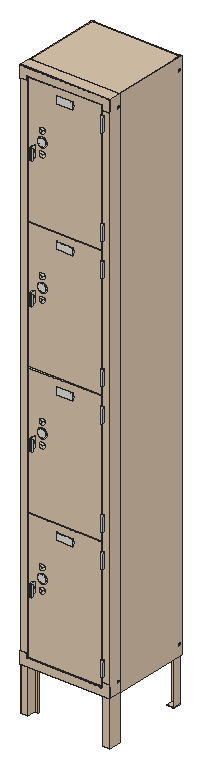
Revit family "Metal_Vented_Lockers-Salsbury_Industries-74000_Series-1_Wide_Units", category Specialty Equipment, Revit 2016 (continued)
Definition of nested family "Vents"
  Lines and regions (in)
    model lines
      curve 101: line (-0.12232, 0, 39.87111) -> (-0.3738, 0, 39.21938)
      curve 102: line (0.12647, 0, 39.86883) -> (0.37669, 0, 39.21865)
      curve 103: spline (-0.12218, 0, 36.83029) -> (-0.10447, 0, 36.80116) -> (-0.08514, 0, 36.77673) -> (-0.06447, 0, 36.75737) -> (-0.04279, 0, 36.74339) -> (-0.02043, 0, 36.73499) -> (0.00227, 0, 36.73232) -> (0.02496, 0, 36.7354) -> (0.04728, 0, 36.74419) -> (0.0689, 0, 36.75855) -> (0.08949, 0, 36.77827) -> (0.10872, 0, 36.80305) -> (0.1263, 0, 36.83249)
      curve 104: line (-0.12218, 0, 36.83029) -> (-0.3738, 0, 37.48238)
      curve 105: line (0.1263, 0, 36.83249) -> (0.37669, 0, 37.48165)
      curve 106: spline (-0.12232, 0, 38.13411) -> (-0.1046, 0, 38.1634) -> (-0.08525, 0, 38.18798) -> (-0.06455, 0, 38.20744) -> (-0.04284, 0, 38.2215) -> (-0.02044, 0, 38.22994) -> (0.00229, 0, 38.23263) -> (0.02501, 0, 38.22953) -> (0.04737, 0, 38.22068) -> (0.06902, 0, 38.20622) -> (0.08963, 0, 38.18638) -> (0.10888, 0, 38.16145) -> (0.12647, 0, 38.13183)
      curve 107: line (-0.12232, 0, 38.13411) -> (-0.3738, 0, 37.48238)
      curve 108: line (0.12647, 0, 38.13183) -> (0.37669, 0, 37.48165)
      curve 109: spline (-0.12218, 0, 35.09329) -> (-0.10447, 0, 35.06416) -> (-0.08514, 0, 35.03973) -> (-0.06447, 0, 35.02037) -> (-0.04279, 0, 35.00639) -> (-0.02043, 0, 34.99799) -> (0.00227, 0, 34.99532) -> (0.02496, 0, 34.9984) -> (0.04728, 0, 35.00719) -> (0.0689, 0, 35.02155) -> (0.08949, 0, 35.04127) -> (0.10872, 0, 35.06605) -> (0.1263, 0, 35.09549)
      curve 110: line (-0.12218, 0, 35.09329) -> (-0.3738, 0, 35.74538)
      curve 111: line (0.1263, 0, 35.09549) -> (0.37669, 0, 35.74465)
      curve 112: spline (-0.12232, 0, 36.39711) -> (-0.1046, 0, 36.4264) -> (-0.08525, 0, 36.45098) -> (-0.06455, 0, 36.47044) -> (-0.04284, 0, 36.4845) -> (-0.02044, 0, 36.49294) -> (0.00229, 0, 36.49563) -> (0.02501, 0, 36.49253) -> (0.04737, 0, 36.48368) -> (0.06902, 0, 36.46922) -> (0.08963, 0, 36.44938) -> (0.10888, 0, 36.42445) -> (0.12647, 0, 36.39483)
      curve 113: line (-0.12232, 0, 36.39711) -> (-0.3738, 0, 35.74538)
      curve 114: line (0.12647, 0, 36.39483) -> (0.37669, 0, 35.74465)
      curve 115: spline (-0.12218, 0, 33.35629) -> (-0.10447, 0, 33.32716) -> (-0.08514, 0, 33.30273) -> (-0.06447, 0, 33.28337) -> (-0.04279, 0, 33.26939) -> (-0.02043, 0, 33.26099) -> (0.00227, 0, 33.25832) -> (0.02496, 0, 33.2614) -> (0.04728, 0, 33.27019) -> (0.0689, 0, 33.28455) -> (0.08949, 0, 33.30427) -> (0.10872, 0, 33.32905) -> (0.1263, 0, 33.35849)
      curve 116: line (-0.12218, 0, 33.35629) -> (-0.3738, 0, 34.00838)
      curve 117: line (0.1263, 0, 33.35849) -> (0.37669, 0, 34.00765)
      curve 118: spline (-0.12232, 0, 34.66011) -> (-0.1046, 0, 34.6894) -> (-0.08525, 0, 34.71398) -> (-0.06455, 0, 34.73344) -> (-0.04284, 0, 34.7475) -> (-0.02044, 0, 34.75594) -> (0.00229, 0, 34.75863) -> (0.02501, 0, 34.75553) -> (0.04737, 0, 34.74668) -> (0.06902, 0, 34.73222) -> (0.08963, 0, 34.71238) -> (0.10888, 0, 34.68745) -> (0.12647, 0, 34.65783)
      curve 119: line (-0.12232, 0, 34.66011) -> (-0.3738, 0, 34.00838)
      curve 120: line (0.12647, 0, 34.65783) -> (0.37669, 0, 34.00765)
      curve 121: spline (-0.12218, 0, 31.61929) -> (-0.10447, 0, 31.59016) -> (-0.08514, 0, 31.56573) -> (-0.06447, 0, 31.54637) -> (-0.04279, 0, 31.53239) -> (-0.02043, 0, 31.52399) -> (0.00227, 0, 31.52132) -> (0.02496, 0, 31.5244) -> (0.04728, 0, 31.53319) -> (0.0689, 0, 31.54755) -> (0.08949, 0, 31.56727) -> (0.10872, 0, 31.59205) -> (0.1263, 0, 31.62149)
      curve 122: line (-0.12218, 0, 31.61929) -> (-0.3738, 0, 32.27138)
      curve 123: line (0.1263, 0, 31.62149) -> (0.37669, 0, 32.27065)
      curve 124: spline (-0.12232, 0, 32.92311) -> (-0.1046, 0, 32.9524) -> (-0.08525, 0, 32.97698) -> (-0.06455, 0, 32.99644) -> (-0.04284, 0, 33.0105) -> (-0.02044, 0, 33.01894) -> (0.00229, 0, 33.02163) -> (0.02501, 0, 33.01853) -> (0.04737, 0, 33.00968) -> (0.06902, 0, 32.99522) -> (0.08963, 0, 32.97538) -> (0.10888, 0, 32.95045) -> (0.12647, 0, 32.92083)
      curve 125: line (-0.12232, 0, 32.92311) -> (-0.3738, 0, 32.27138)
      curve 126: line (0.12647, 0, 32.92083) -> (0.37669, 0, 32.27065)
      curve 127: spline (-0.12218, 0, 29.88229) -> (-0.10447, 0, 29.85316) -> (-0.08514, 0, 29.82873) -> (-0.06447, 0, 29.80937) -> (-0.04279, 0, 29.79539) -> (-0.02043, 0, 29.78699) -> (0.00227, 0, 29.78432) -> (0.02496, 0, 29.7874) -> (0.04728, 0, 29.79619) -> (0.0689, 0, 29.81055) -> (0.08949, 0, 29.83027) -> (0.10872, 0, 29.85505) -> (0.1263, 0, 29.88449)
      curve 128: line (-0.12218, 0, 29.88229) -> (-0.3738, 0, 30.53438)
      curve 129: line (0.1263, 0, 29.88449) -> (0.37669, 0, 30.53365)
      curve 130: spline (-0.12232, 0, 31.18611) -> (-0.1046, 0, 31.2154) -> (-0.08525, 0, 31.23998) -> (-0.06455, 0, 31.25944) -> (-0.04284, 0, 31.2735) -> (-0.02044, 0, 31.28194) -> (0.00229, 0, 31.28463) -> (0.02501, 0, 31.28153) -> (0.04737, 0, 31.27268) -> (0.06902, 0, 31.25822) -> (0.08963, 0, 31.23838) -> (0.10888, 0, 31.21345) -> (0.12647, 0, 31.18383)
      curve 131: line (-0.12232, 0, 31.18611) -> (-0.3738, 0, 30.53438)
      curve 132: line (0.12647, 0, 31.18383) -> (0.37669, 0, 30.53365)
      curve 133: spline (-0.12218, 0, 28.14529) -> (-0.10447, 0, 28.11616) -> (-0.08514, 0, 28.09173) -> (-0.06447, 0, 28.07237) -> (-0.04279, 0, 28.05839) -> (-0.02043, 0, 28.04999) -> (0.00227, 0, 28.04732) -> (0.02496, 0, 28.0504) -> (0.04728, 0, 28.05919) -> (0.0689, 0, 28.07355) -> (0.08949, 0, 28.09327) -> (0.10872, 0, 28.11805) -> (0.1263, 0, 28.14749)
      curve 134: line (-0.12218, 0, 28.14529) -> (-0.3738, 0, 28.79738)
      curve 135: line (0.1263, 0, 28.14749) -> (0.37669, 0, 28.79665)
      curve 136: spline (-0.12232, 0, 29.44911) -> (-0.1046, 0, 29.4784) -> (-0.08525, 0, 29.50298) -> (-0.06455, 0, 29.52244) -> (-0.04284, 0, 29.5365) -> (-0.02044, 0, 29.54494) -> (0.00229, 0, 29.54763) -> (0.02501, 0, 29.54453) -> (0.04737, 0, 29.53568) -> (0.06902, 0, 29.52122) -> (0.08963, 0, 29.50138) -> (0.10888, 0, 29.47645) -> (0.12647, 0, 29.44683)
      curve 137: line (-0.12232, 0, 29.44911) -> (-0.3738, 0, 28.79738)
      curve 138: line (0.12647, 0, 29.44683) -> (0.37669, 0, 28.79665)
      curve 139: spline (-0.12218, 0, 26.40829) -> (-0.10447, 0, 26.37916) -> (-0.08514, 0, 26.35473) -> (-0.06447, 0, 26.33537) -> (-0.04279, 0, 26.32139) -> (-0.02043, 0, 26.31299) -> (0.00227, 0, 26.31032) -> (0.02496, 0, 26.3134) -> (0.04728, 0, 26.32219) -> (0.0689, 0, 26.33655) -> (0.08949, 0, 26.35627) -> (0.10872, 0, 26.38105) -> (0.1263, 0, 26.41049)
      curve 140: line (-0.12218, 0, 26.40829) -> (-0.3738, 0, 27.06038)
      curve 141: line (0.1263, 0, 26.41049) -> (0.37669, 0, 27.05965)
      curve 142: spline (-0.12232, 0, 27.71211) -> (-0.1046, 0, 27.7414) -> (-0.08525, 0, 27.76598) -> (-0.06455, 0, 27.78544) -> (-0.04284, 0, 27.7995) -> (-0.02044, 0, 27.80794) -> (0.00229, 0, 27.81063) -> (0.02501, 0, 27.80753) -> (0.04737, 0, 27.79868) -> (0.06902, 0, 27.78422) -> (0.08963, 0, 27.76438) -> (0.10888, 0, 27.73945) -> (0.12647, 0, 27.70983)
      curve 143: line (-0.12232, 0, 27.71211) -> (-0.3738, 0, 27.06038)
      curve 144: line (0.12647, 0, 27.70983) -> (0.37669, 0, 27.05965)
      curve 145: spline (-0.12218, 0, 24.67129) -> (-0.10447, 0, 24.64216) -> (-0.08514, 0, 24.61773) -> (-0.06447, 0, 24.59837) -> (-0.04279, 0, 24.58439) -> (-0.02043, 0, 24.57599) -> (0.00227, 0, 24.57332) -> (0.02496, 0, 24.5764) -> (0.04728, 0, 24.58519) -> (0.0689, 0, 24.59955) -> (0.08949, 0, 24.61927) -> (0.10872, 0, 24.64405) -> (0.1263, 0, 24.67349)
      curve 146: line (-0.12218, 0, 24.67129) -> (-0.3738, 0, 25.32338)
      curve 147: line (0.1263, 0, 24.67349) -> (0.37669, 0, 25.32265)
      curve 148: spline (-0.12232, 0, 25.97511) -> (-0.1046, 0, 26.0044) -> (-0.08525, 0, 26.02898) -> (-0.06455, 0, 26.04844) -> (-0.04284, 0, 26.0625) -> (-0.02044, 0, 26.07094) -> (0.00229, 0, 26.07363) -> (0.02501, 0, 26.07053) -> (0.04737, 0, 26.06168) -> (0.06902, 0, 26.04722) -> (0.08963, 0, 26.02738) -> (0.10888, 0, 26.00245) -> (0.12647, 0, 25.97283)
      curve 149: line (-0.12232, 0, 25.97511) -> (-0.3738, 0, 25.32338)
      curve 150: line (0.12647, 0, 25.97283) -> (0.37669, 0, 25.32265)
      curve 151: spline (-0.12218, 0, 22.93429) -> (-0.10447, 0, 22.90516) -> (-0.08514, 0, 22.88073) -> (-0.06447, 0, 22.86137) -> (-0.04279, 0, 22.84739) -> (-0.02043, 0, 22.83899) -> (0.00227, 0, 22.83632) -> (0.02496, 0, 22.8394) -> (0.04728, 0, 22.84819) -> (0.0689, 0, 22.86255) -> (0.08949, 0, 22.88227) -> (0.10872, 0, 22.90705) -> (0.1263, 0, 22.93649)
      curve 152: line (-0.12218, 0, 22.93429) -> (-0.3738, 0, 23.58638)
      curve 153: line (0.1263, 0, 22.93649) -> (0.37669, 0, 23.58565)
      curve 154: spline (-0.12232, 0, 24.23811) -> (-0.1046, 0, 24.2674) -> (-0.08525, 0, 24.29198) -> (-0.06455, 0, 24.31144) -> (-0.04284, 0, 24.3255) -> (-0.02044, 0, 24.33394) -> (0.00229, 0, 24.33663) -> (0.02501, 0, 24.33353) -> (0.04737, 0, 24.32468) -> (0.06902, 0, 24.31022) -> (0.08963, 0, 24.29038) -> (0.10888, 0, 24.26545) -> (0.12647, 0, 24.23583)
      curve 155: line (-0.12232, 0, 24.23811) -> (-0.3738, 0, 23.58638)
      curve 156: line (0.12647, 0, 24.23583) -> (0.37669, 0, 23.58565)
      curve 157: spline (-0.12218, 0, 21.19729) -> (-0.10447, 0, 21.16816) -> (-0.08514, 0, 21.14373) -> (-0.06447, 0, 21.12437) -> (-0.04279, 0, 21.11039) -> (-0.02043, 0, 21.10199) -> (0.00227, 0, 21.09932) -> (0.02496, 0, 21.1024) -> (0.04728, 0, 21.11119) -> (0.0689, 0, 21.12555) -> (0.08949, 0, 21.14527) -> (0.10872, 0, 21.17005) -> (0.1263, 0, 21.19949)
      curve 158: line (-0.12218, 0, 21.19729) -> (-0.3738, 0, 21.84938)
      curve 159: line (0.1263, 0, 21.19949) -> (0.37669, 0, 21.84865)
      curve 160: spline (-0.12232, 0, 22.50111) -> (-0.1046, 0, 22.5304) -> (-0.08525, 0, 22.55498) -> (-0.06455, 0, 22.57444) -> (-0.04284, 0, 22.5885) -> (-0.02044, 0, 22.59694) -> (0.00229, 0, 22.59963) -> (0.02501, 0, 22.59653) -> (0.04737, 0, 22.58768) -> (0.06902, 0, 22.57322) -> (0.08963, 0, 22.55338) -> (0.10888, 0, 22.52845) -> (0.12647, 0, 22.49883)
      curve 161: line (-0.12232, 0, 22.50111) -> (-0.3738, 0, 21.84938)
      curve 162: line (0.12647, 0, 22.49883) -> (0.37669, 0, 21.84865)
      curve 163: spline (-0.12218, 0, 19.46029) -> (-0.10447, 0, 19.43116) -> (-0.08514, 0, 19.40673) -> (-0.06447, 0, 19.38737) -> (-0.04279, 0, 19.37339) -> (-0.02043, 0, 19.36499) -> (0.00227, 0, 19.36232) -> (0.02496, 0, 19.3654) -> (0.04728, 0, 19.37419) -> (0.0689, 0, 19.38855) -> (0.08949, 0, 19.40827) -> (0.10872, 0, 19.43305) -> (0.1263, 0, 19.46249)
      curve 164: line (-0.12218, 0, 19.46029) -> (-0.3738, 0, 20.11238)
      curve 165: line (0.1263, 0, 19.46249) -> (0.37669, 0, 20.11165)
      curve 166: spline (-0.12232, 0, 20.76411) -> (-0.1046, 0, 20.7934) -> (-0.08525, 0, 20.81798) -> (-0.06455, 0, 20.83744) -> (-0.04284, 0, 20.8515) -> (-0.02044, 0, 20.85994) -> (0.00229, 0, 20.86263) -> (0.02501, 0, 20.85953) -> (0.04737, 0, 20.85068) -> (0.06902, 0, 20.83622) -> (0.08963, 0, 20.81638) -> (0.10888, 0, 20.79145) -> (0.12647, 0, 20.76183)
      curve 167: line (-0.12232, 0, 20.76411) -> (-0.3738, 0, 20.11238)
      curve 168: line (0.12647, 0, 20.76183) -> (0.37669, 0, 20.11165)
      curve 197: spline (-0.12218, 0, 17.72329) -> (-0.10447, 0, 17.69416) -> (-0.08514, 0, 17.66973) -> (-0.06447, 0, 17.65037) -> (-0.04279, 0, 17.63639) -> (-0.02043, 0, 17.62799) -> (0.00227, 0, 17.62532) -> (0.02496, 0, 17.6284) -> (0.04728, 0, 17.63719) -> (0.0689, 0, 17.65155) -> (0.08949, 0, 17.67127) -> (0.10872, 0, 17.69605) -> (0.1263, 0, 17.72549)
      curve 198: line (-0.12218, 0, 17.72329) -> (-0.3738, 0, 18.37538)
      curve 199: line (0.1263, 0, 17.72549) -> (0.37669, 0, 18.37465)
      curve 200: spline (-0.12232, 0, 19.02711) -> (-0.1046, 0, 19.0564) -> (-0.08525, 0, 19.08098) -> (-0.06455, 0, 19.10044) -> (-0.04284, 0, 19.1145) -> (-0.02044, 0, 19.12294) -> (0.00229, 0, 19.12563) -> (0.02501, 0, 19.12253) -> (0.04737, 0, 19.11368) -> (0.06902, 0, 19.09922) -> (0.08963, 0, 19.07938) -> (0.10888, 0, 19.05445) -> (0.12647, 0, 19.02483)
      curve 201: line (-0.12232, 0, 19.02711) -> (-0.3738, 0, 18.37538)
      curve 202: line (0.12647, 0, 19.02483) -> (0.37669, 0, 18.37465)
      curve 204: spline (-0.12218, 0, 15.98629) -> (-0.10447, 0, 15.95716) -> (-0.08514, 0, 15.93273) -> (-0.06447, 0, 15.91337) -> (-0.04279, 0, 15.89939) -> (-0.02043, 0, 15.89099) -> (0.00227, 0, 15.88832) -> (0.02496, 0, 15.8914) -> (0.04728, 0, 15.90019) -> (0.0689, 0, 15.91455) -> (0.08949, 0, 15.93427) -> (0.10872, 0, 15.95905) -> (0.1263, 0, 15.98849)
      curve 205: line (-0.12218, 0, 15.98629) -> (-0.3738, 0, 16.63838)
      curve 206: line (0.1263, 0, 15.98849) -> (0.37669, 0, 16.63765)
      curve 207: spline (-0.12232, 0, 17.29011) -> (-0.1046, 0, 17.3194) -> (-0.08525, 0, 17.34398) -> (-0.06455, 0, 17.36344) -> (-0.04284, 0, 17.3775) -> (-0.02044, 0, 17.38594) -> (0.00229, 0, 17.38863) -> (0.02501, 0, 17.38553) -> (0.04737, 0, 17.37668) -> (0.06902, 0, 17.36222) -> (0.08963, 0, 17.34238) -> (0.10888, 0, 17.31745) -> (0.12647, 0, 17.28783)
      curve 208: line (-0.12232, 0, 17.29011) -> (-0.3738, 0, 16.63838)
      curve 209: line (0.12647, 0, 17.28783) -> (0.37669, 0, 16.63765)
      curve 211: spline (-0.12218, 0, 14.24929) -> (-0.10447, 0, 14.22016) -> (-0.08514, 0, 14.19573) -> (-0.06447, 0, 14.17637) -> (-0.04279, 0, 14.16239) -> (-0.02043, 0, 14.15399) -> (0.00227, 0, 14.15132) -> (0.02496, 0, 14.1544) -> (0.04728, 0, 14.16319) -> (0.0689, 0, 14.17755) -> (0.08949, 0, 14.19727) -> (0.10872, 0, 14.22205) -> (0.1263, 0, 14.25149)
      curve 212: line (-0.12218, 0, 14.24929) -> (-0.3738, 0, 14.90138)
      curve 213: line (0.1263, 0, 14.25149) -> (0.37669, 0, 14.90065)
      curve 214: spline (-0.12232, 0, 15.55311) -> (-0.1046, 0, 15.5824) -> (-0.08525, 0, 15.60698) -> (-0.06455, 0, 15.62644) -> (-0.04284, 0, 15.6405) -> (-0.02044, 0, 15.64894) -> (0.00229, 0, 15.65163) -> (0.02501, 0, 15.64853) -> (0.04737, 0, 15.63968) -> (0.06902, 0, 15.62522) -> (0.08963, 0, 15.60538) -> (0.10888, 0, 15.58045) -> (0.12647, 0, 15.55083)
      curve 215: line (-0.12232, 0, 15.55311) -> (-0.3738, 0, 14.90138)
      curve 216: line (0.12647, 0, 15.55083) -> (0.37669, 0, 14.90065)
      curve 218: spline (-0.12218, 0, 12.51229) -> (-0.10447, 0, 12.48316) -> (-0.08514, 0, 12.45873) -> (-0.06447, 0, 12.43937) -> (-0.04279, 0, 12.42539) -> (-0.02043, 0, 12.41699) -> (0.00227, 0, 12.41432) -> (0.02496, 0, 12.4174) -> (0.04728, 0, 12.42619) -> (0.0689, 0, 12.44055) -> (0.08949, 0, 12.46027) -> (0.10872, 0, 12.48505) -> (0.1263, 0, 12.51449)
      curve 219: line (-0.12218, 0, 12.51229) -> (-0.3738, 0, 13.16438)
      curve 220: line (0.1263, 0, 12.51449) -> (0.37669, 0, 13.16365)
      curve 221: spline (-0.12232, 0, 13.81611) -> (-0.1046, 0, 13.8454) -> (-0.08525, 0, 13.86998) -> (-0.06455, 0, 13.88944) -> (-0.04284, 0, 13.9035) -> (-0.02044, 0, 13.91194) -> (0.00229, 0, 13.91463) -> (0.02501, 0, 13.91153) -> (0.04737, 0, 13.90268) -> (0.06902, 0, 13.88822) -> (0.08963, 0, 13.86838) -> (0.10888, 0, 13.84345) -> (0.12647, 0, 13.81383)
      curve 222: line (-0.12232, 0, 13.81611) -> (-0.3738, 0, 13.16438)
      curve 223: line (0.12647, 0, 13.81383) -> (0.37669, 0, 13.16365)
      curve 225: spline (-0.12218, 0, 10.77529) -> (-0.10447, 0, 10.74616) -> (-0.08514, 0, 10.72173) -> (-0.06447, 0, 10.70237) -> (-0.04279, 0, 10.68839) -> (-0.02043, 0, 10.67999) -> (0.00227, 0, 10.67732) -> (0.02496, 0, 10.6804) -> (0.04728, 0, 10.68919) -> (0.0689, 0, 10.70355) -> (0.08949, 0, 10.72327) -> (0.10872, 0, 10.74805) -> (0.1263, 0, 10.77749)
      curve 226: line (-0.12218, 0, 10.77529) -> (-0.3738, 0, 11.42738)
      curve 227: line (0.1263, 0, 10.77749) -> (0.37669, 0, 11.42665)
      curve 228: spline (-0.12232, 0, 12.07911) -> (-0.1046, 0, 12.1084) -> (-0.08525, 0, 12.13298) -> (-0.06455, 0, 12.15244) -> (-0.04284, 0, 12.1665) -> (-0.02044, 0, 12.17494) -> (0.00229, 0, 12.17763) -> (0.02501, 0, 12.17453) -> (0.04737, 0, 12.16568) -> (0.06902, 0, 12.15122) -> (0.08963, 0, 12.13138) -> (0.10888, 0, 12.10645) -> (0.12647, 0, 12.07683)
      curve 229: line (-0.12232, 0, 12.07911) -> (-0.3738, 0, 11.42738)
      curve 230: line (0.12647, 0, 12.07683) -> (0.37669, 0, 11.42665)
      curve 232: spline (-0.12218, 0, 9.03829) -> (-0.10447, 0, 9.00916) -> (-0.08514, 0, 8.98473) -> (-0.06447, 0, 8.96537) -> (-0.04279, 0, 8.95139) -> (-0.02043, 0, 8.94299) -> (0.00227, 0, 8.94032) -> (0.02496, 0, 8.9434) -> (0.04728, 0, 8.95219) -> (0.0689, 0, 8.96655) -> (0.08949, 0, 8.98627) -> (0.10872, 0, 9.01105) -> (0.1263, 0, 9.04049)
      curve 233: line (-0.12218, 0, 9.03829) -> (-0.3738, 0, 9.69038)
      curve 234: line (0.1263, 0, 9.04049) -> (0.37669, 0, 9.68965)
      curve 235: spline (-0.12232, 0, 10.34211) -> (-0.1046, 0, 10.3714) -> (-0.08525, 0, 10.39598) -> (-0.06455, 0, 10.41544) -> (-0.04284, 0, 10.4295) -> (-0.02044, 0, 10.43794) -> (0.00229, 0, 10.44063) -> (0.02501, 0, 10.43753) -> (0.04737, 0, 10.42868) -> (0.06902, 0, 10.41422) -> (0.08963, 0, 10.39438) -> (0.10888, 0, 10.36945) -> (0.12647, 0, 10.33983)
      curve 236: line (-0.12232, 0, 10.34211) -> (-0.3738, 0, 9.69038)
      curve 237: line (0.12647, 0, 10.33983) -> (0.37669, 0, 9.68965)
      curve 239: spline (-0.12218, 0, 7.30129) -> (-0.10447, 0, 7.27216) -> (-0.08514, 0, 7.24773) -> (-0.06447, 0, 7.22837) -> (-0.04279, 0, 7.21439) -> (-0.02043, 0, 7.20599) -> (0.00227, 0, 7.20332) -> (0.02496, 0, 7.2064) -> (0.04728, 0, 7.21519) -> (0.0689, 0, 7.22955) -> (0.08949, 0, 7.24927) -> (0.10872, 0, 7.27405) -> (0.1263, 0, 7.30349)
      curve 240: line (-0.12218, 0, 7.30129) -> (-0.3738, 0, 7.95338)
      curve 241: line (0.1263, 0, 7.30349) -> (0.37669, 0, 7.95265)
      curve 242: spline (-0.12232, 0, 8.60511) -> (-0.1046, 0, 8.6344) -> (-0.08525, 0, 8.65898) -> (-0.06455, 0, 8.67844) -> (-0.04284, 0, 8.6925) -> (-0.02044, 0, 8.70094) -> (0.00229, 0, 8.70363) -> (0.02501, 0, 8.70053) -> (0.04737, 0, 8.69168) -> (0.06902, 0, 8.67722) -> (0.08963, 0, 8.65738) -> (0.10888, 0, 8.63245) -> (0.12647, 0, 8.60283)
      curve 243: line (-0.12232, 0, 8.60511) -> (-0.3738, 0, 7.95338)
      curve 244: line (0.12647, 0, 8.60283) -> (0.37669, 0, 7.95265)
      curve 246: spline (-0.12218, 0, 5.56429) -> (-0.10447, 0, 5.53516) -> (-0.08514, 0, 5.51073) -> (-0.06447, 0, 5.49137) -> (-0.04279, 0, 5.47739) -> (-0.02043, 0, 5.46899) -> (0.00227, 0, 5.46632) -> (0.02496, 0, 5.4694) -> (0.04728, 0, 5.47819) -> (0.0689, 0, 5.49255) -> (0.08949, 0, 5.51227) -> (0.10872, 0, 5.53705) -> (0.1263, 0, 5.56649)
      curve 247: line (-0.12218, 0, 5.56429) -> (-0.3738, 0, 6.21638)
      curve 248: line (0.1263, 0, 5.56649) -> (0.37669, 0, 6.21565)
      curve 249: spline (-0.12232, 0, 6.86811) -> (-0.1046, 0, 6.8974) -> (-0.08525, 0, 6.92198) -> (-0.06455, 0, 6.94144) -> (-0.04284, 0, 6.9555) -> (-0.02044, 0, 6.96394) -> (0.00229, 0, 6.96663) -> (0.02501, 0, 6.96353) -> (0.04737, 0, 6.95468) -> (0.06902, 0, 6.94022) -> (0.08963, 0, 6.92038) -> (0.10888, 0, 6.89545) -> (0.12647, 0, 6.86583)
      curve 250: line (-0.12232, 0, 6.86811) -> (-0.3738, 0, 6.21638)
      curve 251: line (0.12647, 0, 6.86583) -> (0.37669, 0, 6.21565)
    reference lines
      curve 169: line (-0.37307, 0, 67.00949) -> (0.37714, 0, 67.00949)
      curve 170: line (-0.37307, 0, 65.27249) -> (0.37714, 0, 65.27249)
      curve 171: line (-0.37307, 0, 63.53549) -> (0.37714, 0, 63.53549)
      curve 172: line (-0.37307, 0, 61.79849) -> (0.37714, 0, 61.79849)
      curve 173: line (-0.37307, 0, 60.06149) -> (0.37714, 0, 60.06149)
      curve 174: line (-0.37307, 0, 58.32449) -> (0.37714, 0, 58.32449)
      curve 175: line (-0.37307, 0, 56.58749) -> (0.37714, 0, 56.58749)
      curve 176: line (-0.37307, 0, 54.85049) -> (0.37714, 0, 54.85049)
      curve 177: line (-0.37307, 0, 53.11349) -> (0.37714, 0, 53.11349)
      curve 178: line (-0.37307, 0, 51.37649) -> (0.37714, 0, 51.37649)
      curve 179: line (-0.37307, 0, 49.63949) -> (0.37714, 0, 49.63949)
      curve 180: line (-0.37307, 0, 47.90249) -> (0.37714, 0, 47.90249)
      curve 181: line (-0.37307, 0, 46.16549) -> (0.37714, 0, 46.16549)
      curve 182: line (-0.37307, 0, 44.42849) -> (0.37714, 0, 44.42849)
      curve 183: line (-0.37307, 0, 42.69149) -> (0.37714, 0, 42.69149)
      curve 184: line (-0.37307, 0, 40.95449) -> (0.37714, 0, 40.95449)
      curve 185: line (-0.37307, 0, 39.21749) -> (0.37714, 0, 39.21749)
      curve 186: line (-0.37307, 0, 37.48049) -> (0.37714, 0, 37.48049)
      curve 187: line (-0.37307, 0, 35.74349) -> (0.37714, 0, 35.74349)
      curve 188: line (-0.37307, 0, 34.00649) -> (0.37714, 0, 34.00649)
      curve 189: line (-0.37307, 0, 32.26949) -> (0.37714, 0, 32.26949)
      curve 190: line (-0.37307, 0, 30.53249) -> (0.37714, 0, 30.53249)
      curve 191: line (-0.37307, 0, 28.79549) -> (0.37714, 0, 28.79549)
      curve 192: line (-0.37307, 0, 27.05849) -> (0.37714, 0, 27.05849)
      curve 193: line (-0.37307, 0, 25.32149) -> (0.37714, 0, 25.32149)
      curve 194: line (-0.37307, 0, 23.58449) -> (0.37714, 0, 23.58449)
      curve 195: line (-0.37307, 0, 21.84749) -> (0.37714, 0, 21.84749)
      curve 196: line (-0.37307, 0, 20.11049) -> (0.37714, 0, 20.11049)
      curve 203: line (-0.37307, 0, 18.37349) -> (0.37714, 0, 18.37349)
      curve 210: line (-0.37307, 0, 16.63649) -> (0.37714, 0, 16.63649)
      curve 217: line (-0.37307, 0, 14.89949) -> (0.37714, 0, 14.89949)
      curve 224: line (-0.37307, 0, 13.16249) -> (0.37714, 0, 13.16249)
      curve 231: line (-0.37307, 0, 11.42549) -> (0.37714, 0, 11.42549)
      curve 238: line (-0.37307, 0, 9.68849) -> (0.37714, 0, 9.68849)
      curve 245: line (-0.37307, 0, 7.95149) -> (0.37714, 0, 7.95149)
      curve 252: line (-0.37307, 0, 6.21449) -> (0.37714, 0, 6.21449)
  Dimensions and locks (in)
    equal spacing: group 1, group 2, group 3, group 4, group 5, group 6, group 7, group 8, group 9, group 10, group 11, group 12, group 13, group 14, group 15, group 16, group 17, group 18, group 19, group 20, group 21, group 22, group 23, group 24, group 25, group 26, group 27, group 28, group 29, group 30, group 31, group 32, group 33, group 34, group 35, group 36  (x2)
    equal spacing: group 36, group 35, group 34, group 33, group 32, group 31, group 30, group 29, group 28, group 27, group 26, group 25, group 24, group 23, group 22, group 21, group 20, group 19, group 18, group 17, group 16, group 15, group 14, group 13, group 12, group 11, group 10, group 9, group 8, group 7, group 6, group 5, group 4, group 3, group 2, group 1
    aligned and locked: level to plane 2
Types (19): name | Zee Base | Vent Offset | Vent Configuration Height | Vent Array 2 | Vent Array 1 | Unit Height including Sloping Hood Only | Unit Height | Total Door(s) Height | Sloping Hood Height | Primary Structure Material | Unit Height including Base Only | Overall Unit Height (including Base and Sloping Hood) | Model | Individual Door Height | Hasp Plate Rivet Material | Door Location D1 | Description | Depth | Compartment Divider Height | Base Height | Standard Leg Base
  (no name) | Metal Locker Zee Base : None | 3.250" | Vents : 6 foot high vents | 5 | 6 | 78.625" | 72.000" | 69.81949" | 6.625" | Steel - Salsbury Finish = Tan | 78.000" | 84.625" | "74162" | 17.360" | Steel -Salsbury Finish =  Polished Steel | Vented Metal Locker Doors-12 inch with Latch Hasps : Four Tier Door - 6 foot | "1 Wide - 6 Feet High - 12 Inches Deep" | 12.010" | 16.985" | 6.000" | Metal Locker Legs : 6" High - 12" W x 12" D
  74162 - with Standard 6" High Legs | Metal Locker Zee Base : None | 3.250" | Vents : 6 foot high vents | 5 | 6 | 78.625" | 72.000" | 69.81949" | 6.625" | Steel - Salsbury Finish = Tan | 78.000" | 84.625" | "74162" | 17.360" | Steel -Salsbury Finish =  Polished Steel | Vented Metal Locker Doors-12 inch with Latch Hasps : Four Tier Door - 6 foot | "1 Wide - 6 Feet High - 12 Inches Deep" | 12.010" | 16.985" | 6.000" | Metal Locker Legs : 6" High - 12" W x 12" D
  74165 - with Standard 6" High Legs | Metal Locker Zee Base : None | 3.500" | Vents : 6 foot high vents | 7 | 8 | 80.682" | 72.000" | 69.81949" | 8.682" | Paint - Salsbury Finish - Tan | 78.000" | 86.682" | "74165" | 17.360" | Steel -Salsbury Finish - Polished Steel | Vented Metal Locker Doors-12 inch with Latch Hasps : Four Tier Door - 6 foot | "1 Wide - 6 Feet High - 15 Inches Deep" | 15.010" | 16.985" | 6.000" | Metal Locker Legs : 6" High - 12" W x 15" D
  74168 - with Standard 6" High Legs | Metal Locker Zee Base : None | 3.750" | Vents : 6 foot high vents | 9 | 10 | 82.739" | 72.000" | 69.81949" | 10.739" | Paint - Salsbury Finish - Tan | 78.000" | 88.739" | "74168" | 17.360" | Steel -Salsbury Finish - Polished Steel | Vented Metal Locker Doors-12 inch with Latch Hasps : Four Tier Door - 6 foot | "1 Wide - 6 Feet High - 18 Inches Deep" | 18.010" | 16.985" | 6.000" | Metal Locker Legs : 6" High - 12"W x 18"D
  74162 - with 77572 Zee Base and 77550 Lockers without Legs | Metal Locker Zee Base : 77572- 12" W x 12" D | 3.250" | Vents : 6 foot high vents | 5 | 6 | 78.625" | 72.000" | 69.81949" | 6.625" | Paint - Salsbury Finish - Tan | 76.000" | 82.625" | "74162 with 77572 and 77550" | 17.360" | Steel -Salsbury Finish - Polished Steel | Vented Metal Locker Doors-12 inch with Latch Hasps : Four Tier Door - 6 foot | "1 Wide - 6 Feet High - 12 Inches Deep with Zee Base and Lockers without Legs" | 12.010" | 16.985" | 4.000" | Metal Locker Legs : No Legs
  74165 - with 77575 Zee Base and 77550 Lockers without Legs | Metal Locker Zee Base : 77575 - 12" W x 15" D | 3.500" | Vents : 6 foot high vents | 7 | 8 | 80.682" | 72.000" | 69.81949" | 8.682" | Paint - Salsbury Finish - Tan | 76.000" | 84.682" | "74165 with 77575 and 77550" | 17.360" | Steel -Salsbury Finish - Polished Steel | Vented Metal Locker Doors-12 inch with Latch Hasps : Four Tier Door - 6 foot | "1 Wide - 6 Feet High - 15 Inches Deep with Zee Base and Lockers without Legs" | 15.010" | 16.985" | 4.000" | Metal Locker Legs : No Legs
  74168 - with 77578 Zee Base and 77550 Lockers without Legs | Metal Locker Zee Base : 77578 - 12"W x 18"D | 3.750" | Vents : 6 foot high vents | 9 | 10 | 82.739" | 72.000" | 69.81949" | 10.739" | Paint - Salsbury Finish - Tan | 76.000" | 86.739" | "74168 with 77578 and 77550" | 17.360" | Steel -Salsbury Finish - Polished Steel | Vented Metal Locker Doors-12 inch with Latch Hasps : Four Tier Door - 6 foot | "1 Wide - 6 Feet High - 18 Inches Deep with Zee Base and Lockers without Legs" | 18.010" | 16.985" | 4.000" | Metal Locker Legs : No Legs
  74162 - with 77550 Lockers without Legs | Metal Locker Zee Base : None | 3.250" | Vents : 6 foot high vents | 5 | 6 | 78.625" | 72.000" | 69.81949" | 6.625" | Paint - Salsbury Finish - Tan | 72.000" | 78.625" | "74162 with 77550" | 17.360" | Steel -Salsbury Finish - Polished Steel | Vented Metal Locker Doors-12 inch with Latch Hasps : Four Tier Door - 6 foot | "1 Wide - 6 Feet High - 12 Inches Deep with Lockers without Legs" | 12.010" | 16.985" | 0.000" | Metal Locker Legs : No Legs
  74165 - with 77550 Lockers without Legs | Metal Locker Zee Base : None | 3.500" | Vents : 6 foot high vents | 7 | 8 | 80.682" | 72.000" | 69.81949" | 8.682" | Paint - Salsbury Finish - Tan | 72.000" | 80.682" | "74165 with 77550" | 17.360" | Steel -Salsbury Finish - Polished Steel | Vented Metal Locker Doors-12 inch with Latch Hasps : Four Tier Door - 6 foot | "1 Wide - 6 Feet High - 15 Inches Deep with Lockers without Legs" | 15.010" | 16.985" | 0.000" | Metal Locker Legs : No Legs
  74168 - with 77550 Lockers without Legs | Metal Locker Zee Base : None | 3.750" | Vents : 6 foot high vents | 9 | 10 | 82.739" | 72.000" | 69.81949" | 10.739" | Paint - Salsbury Finish - Tan | 72.000" | 82.739" | "74168 with 77550" | 17.360" | Steel -Salsbury Finish - Polished Steel | Vented Metal Locker Doors-12 inch with Latch Hasps : Four Tier Door - 6 foot | "1 Wide - 6 Feet High - 18 Inches Deep with Lockers without Legs" | 18.010" | 16.985" | 0.000" | Metal Locker Legs : No Legs
  74152 - with Standard 6" High Legs | Metal Locker Zee Base : None | 3.250" | Vents : 5 foot high vents | 5 | 6 | 66.625" | 60.000" | 57.81949" | 6.625" | Paint - Salsbury Finish - Tan | 66.000" | 72.625" | "74152" | 14.360" | Steel -Salsbury Finish - Polished Steel | Vented Metal Locker Doors-12 inch with Latch Hasps : Four Tier Door - 5 foot | "1 Wide - 5 Feet High - 12 Inches Deep" | 12.010" | 13.985" | 6.000" | Metal Locker Legs : 6" High - 12" W x 12" D
  74152 - with 77572 Zee Base and 77550 Lockers without Legs | Metal Locker Zee Base : 77572- 12" W x 12" D | 3.250" | Vents : 5 foot high vents | 5 | 6 | 66.625" | 60.000" | 57.81949" | 6.625" | Paint - Salsbury Finish - Tan | 64.000" | 70.625" | "74152 with 77572 and 77550" | 14.360" | Steel -Salsbury Finish - Polished Steel | Vented Metal Locker Doors-12 inch with Latch Hasps : Four Tier Door - 5 foot | "1 Wide - 5 Feet High - 12 Inches Deep with Zee Base and Lockers without Legs" | 12.010" | 13.985" | 4.000" | Metal Locker Legs : No Legs
  74152 - with 77550 Lockers without Legs | Metal Locker Zee Base : None | 3.250" | Vents : 5 foot high vents | 5 | 6 | 66.625" | 60.000" | 57.81949" | 6.625" | Paint - Salsbury Finish - Tan | 60.000" | 66.625" | "74152 with 77550" | 14.360" | Steel -Salsbury Finish - Polished Steel | Vented Metal Locker Doors-12 inch with Latch Hasps : Four Tier Door - 5 foot | "1 Wide - 5 Feet High - 12 Inches Deep with Lockers without Legs" | 12.010" | 13.985" | 0.000" | Metal Locker Legs : No Legs
  74155 - with Standard 6" High Legs | Metal Locker Zee Base : None | 3.500" | Vents : 5 foot high vents | 7 | 8 | 68.682" | 60.000" | 57.81949" | 8.682" | Paint - Salsbury Finish - Tan | 66.000" | 74.682" | "74155" | 14.360" | Steel -Salsbury Finish - Polished Steel | Vented Metal Locker Doors-12 inch with Latch Hasps : Four Tier Door - 5 foot | "1 Wide - 5 Feet High - 15 Inches Deep" | 15.010" | 13.985" | 6.000" | Metal Locker Legs : 6" High - 12" W x 15" D
  74155 - with 77575 Zee Base and 77550 Lockers without Legs | Metal Locker Zee Base : 77575 - 12" W x 15" D | 3.500" | Vents : 5 foot high vents | 7 | 8 | 68.682" | 60.000" | 57.81949" | 8.682" | Paint - Salsbury Finish - Tan | 64.000" | 72.682" | "74155 with 77575 and 77550" | 14.360" | Steel -Salsbury Finish - Polished Steel | Vented Metal Locker Doors-12 inch with Latch Hasps : Four Tier Door - 5 foot | "1 Wide - 5 Feet High - 15 Inches Deep with Zee Base and Lockers without Legs" | 15.010" | 13.985" | 4.000" | Metal Locker Legs : No Legs
  74155 - with 77550 Lockers without Legs | Metal Locker Zee Base : None | 3.500" | Vents : 5 foot high vents | 7 | 8 | 68.682" | 60.000" | 57.81949" | 8.682" | Paint - Salsbury Finish - Tan | 60.000" | 68.682" | "74155 with 77550" | 14.360" | Steel -Salsbury Finish - Polished Steel | Vented Metal Locker Doors-12 inch with Latch Hasps : Four Tier Door - 5 foot | "1 Wide - 5 Feet High - 15 Inches Deep with Lockers without Legs" | 15.010" | 13.985" | 0.000" | Metal Locker Legs : No Legs
  74158 - with Standard 6" High Legs | Metal Locker Zee Base : None | 3.750" | Vents : 5 foot high vents | 9 | 10 | 70.739" | 60.000" | 57.81949" | 10.739" | Paint - Salsbury Finish - Tan | 66.000" | 76.739" | "74158" | 14.360" | Steel -Salsbury Finish - Polished Steel | Vented Metal Locker Doors-12 inch with Latch Hasps : Four Tier Door - 5 foot | "1 Wide - 5 Feet High - 18 Inches Deep" | 18.010" | 13.985" | 6.000" | Metal Locker Legs : 6" High - 12"W x 18"D
  74158 - with 77578 Zee Base and 77550 Lockers without Legs | Metal Locker Zee Base : 77578 - 12"W x 18"D | 3.750" | Vents : 5 foot high vents | 9 | 10 | 70.739" | 60.000" | 57.81949" | 10.739" | Paint - Salsbury Finish - Tan | 64.000" | 74.739" | "74158 with 77578 and 77550" | 14.360" | Steel -Salsbury Finish - Polished Steel | Vented Metal Locker Doors-12 inch with Latch Hasps : Four Tier Door - 5 foot | "1 Wide - 5 Feet High - 18 Inches Deep with Zee Base and Lockers without Legs" | 18.010" | 13.985" | 4.000" | Metal Locker Legs : No Legs
  74158 - with 77550 Lockers without Legs | Metal Locker Zee Base : None | 3.750" | Vents : 5 foot high vents | 9 | 10 | 70.739" | 60.000" | 57.81949" | 10.739" | Paint - Salsbury Finish - Tan | 60.000" | 70.739" | "74158 with 77550" | 14.360" | Steel -Salsbury Finish - Polished Steel | Vented Metal Locker Doors-12 inch with Latch Hasps : Four Tier Door - 5 foot | "1 Wide - 5 Feet High - 18 Inches Deep with Lockers without Legs" | 18.010" | 13.985" | 0.000" | Metal Locker Legs : No Legs
